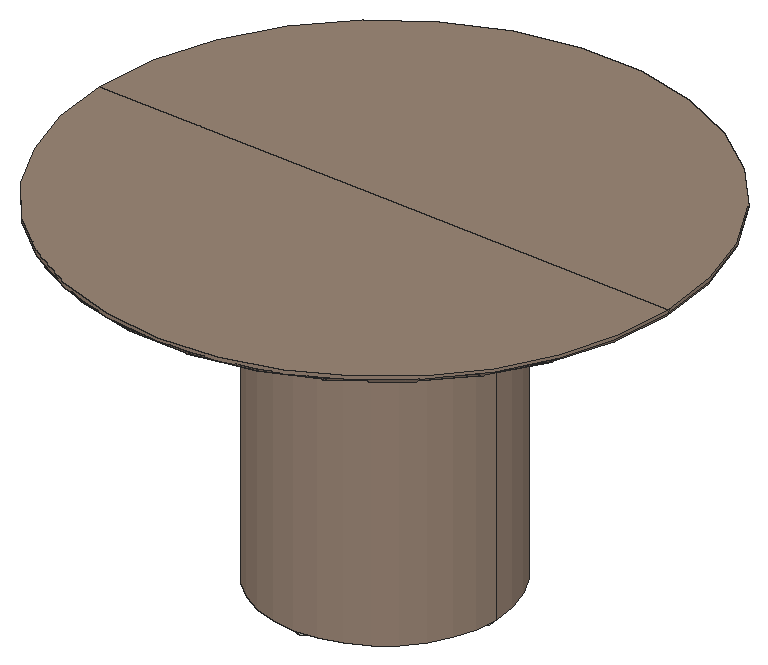
Revit family "Table-Teknion-CFRBKD_Figure_Table_Round_Drum_Base_Butter_Knife_Edge-R2023", category Furniture, Revit 2023 (continued)
Definition of nested family "12 Inch Standard Recessed Access Door"
  Automatic sketch dimensions
    curve 49 to curve 26 = 0.24407"
    curve 26 to curve 22 = 0.0315"
    curve 22 to curve 30 = 0.3622"
    curve 29 to curve 23 = 0.05512"
    curve 23 to curve 15 = 0.07283"
    curve 15 to curve 14 = 0.48031"
    curve 18 to plane 6 "Back" = 1.24055"
    curve 21 to curve 18 = 9.54134"
    curve 18 to curve 19 = 0.48031"
    curve 33 to plane 7 "Front" = 1.250"
    curve 19 to curve 33 = 0.07283"
    curve 31 to curve 39 = 0.05512"
    curve 39 to curve 33 = 0.3622"
    curve 31 to curve 36 = 0.0315"
    curve 2 to plane 6 "Back" = 0.2478"
    curve 31 to curve 2 = 0.04331"
    curve 32 to curve 53 = 0.04331"
    curve 35 to curve 47 = 0.05512"
    curve 36 to curve 45 = 0.05512"
    curve 5 to curve 66 = 0.05512"
    curve 7 to curve 64 = 0.05512"
    curve 47 to curve 44 = 0.11687"
    curve 66 to curve 57 = 0.17714"
    curve 4 to curve 65 = 0.2478"
    curve 6 to curve 64 = 0.21677"
    curve 51 to curve 46 = 0.3162"
    curve 48 to curve 14 = 0.28779"
    curve 15 to curve 23 = 0.00945"
    curve 32 to curve 36 = 0.00142"
    curve 22 to curve 26 = 0.00142"
    curve 33 to curve 39 = 0.10628"
    curve 23 to curve 29 = 0.10628"
    curve 14 to curve 13 = 0.58977"
    curve 19 to curve 17 = 0.58977"
    curve 39 to curve 17 = 0.11574"
    curve 28 to curve 56 = 0.8366"
    curve 28 to curve 27 = 0.10486"
    curve 38 to curve 37 = 0.10486"
    curve 36 to curve 31 = 0.00142"
    curve 28 to curve 24 = 0.10628"
    curve 57 to curve 10 = 0.29867"
    plane 6 "Back" to Masking region 1 sketch curve = 0.000"
    plane 7 "Front" to Masking region 1 sketch curve = 0.000"
    Masking region 1 sketch curve to plane 7 "Front" = 0.46457"
    plane 5 "Right" to Masking region 1 sketch curve = 12.05512"
    Masking region 1 sketch curve to Masking region 1 sketch curve = 0.28742"  (x2)
    Masking region 1 sketch curve to Masking region 1 sketch curve = 0.17714"  (x3)
    Masking region 1 sketch curve to Masking region 1 sketch curve = 0.07208"  (x3)
    Masking region 1 sketch curve to Masking region 1 sketch curve = 0.11687"  (x4)
    Masking region 1 sketch curve to Masking region 1 sketch curve = 0.05512"  (x4)
    Masking region 1 sketch curve to plane 7 "Front" = 0.28742"
    Masking region 1 sketch curve to Masking region 1 sketch curve = 11.01575"
    Masking region 1 sketch curve to plane 6 "Back" = 0.51969"
    Masking region 1 sketch curve to Masking region 1 sketch curve = 0.000"
    Masking region 1 sketch curve to Masking region 1 sketch curve = 0.04331"  (x2)
    Masking region 1 sketch curve to Masking region 1 sketch curve = 0.3162"
    Masking region 1 sketch curve to Masking region 1 sketch curve = 0.29867"  (x3)
    Masking region 1 sketch curve to Masking region 1 sketch curve = 0.73174"  (x2)
Definition of nested family "Teknion_2D_Node_Family-R2016"
  Reference planes (in)
    plane 1 "Center (Front/Back)": y = 0
    plane 2: z = 0
    plane 3 "Center (Left/Right)": x = 0
  Lines and regions (in)
    detail lines, in view "Ref. Level"
      curve 1: circle (0, 0, 0) r 1.25 normal (0, 0, 1)
      curve 2: line (1.91508, -1.91508, 0) -> (-1.91508, 1.91508, 0)
      curve 3: line (-1.91508, -1.91508, 0) -> (1.91508, 1.91508, 0)
